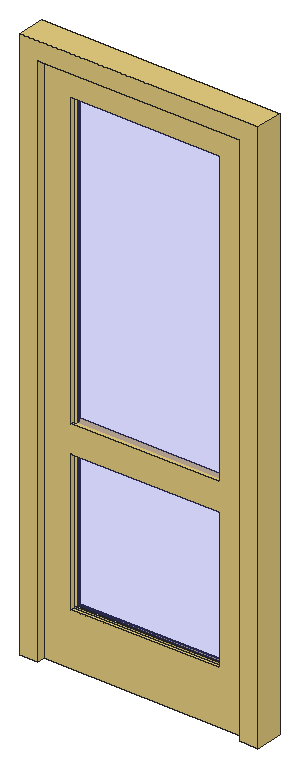
Revit family "DTI_A3-AC-Panel-D2h-Frame-F", category Doors, host Wall, Revit 2016
Family settings
  Host = Wall
  Always vertical = Yes
  Cut with Voids When Loaded = No
  Shared = No
  Room Calculation Point = No
Parameters (values of type "Panel D2H - Frame F")
  URL = "www.acdoors.co.za"
  Panel Width = Width - (Frame Depth * 2)  # 762 mm
  Panel Type = "D2H"
  Panel Thickness = 44 mm
  Panel Material = Meranti Wood
  Panel Height = Height - Frame Depth  # 2032 mm
  Model = "Glass Door"
  Manufacturer Code = "D2H - F"
  Manufacturer = "AC Doors"
  Height = 2100 mm
  Wall Closure = By host
  Width = 898 mm
  Glass Mateial = Glass
  Function = Interior
  Frame Type = "Frame F"
  Frame Thickness = 102 mm
  Frame Material = Meranti Wood
  Frame Depth = 68 mm
  Assembly Code = "B2030230"
Reference planes
  plane 1 "Wall Center": y = 0
  plane 2 "Center (Left/Right)": x = 0
  plane 3 "Left": x = -449
  plane 4 "Right": x = 449
  plane 5: z = 2100
  plane 6 "Exterior": y = 75
  plane 7 "Interior": y = -75
Forms (mm)
  Sweep 1, solid, material "Meranti Wood" <- "Frame Material", detail levels medium+fine
    path origin (0, 0, 0) x (1, 0, 0) y (0, 0, 1)
      loop
        line (449, 0) -> (449, 2100) -> (-449, 2100) -> (-449, 0)
    profile origin (0, 0, 2100) x (0, 0, -1) y (0, -1, 0)
      loop
        line (0, -51) -> (68, -51) -> (68, 51) -> (0, 51) -> (0, -51)
Lines and regions (mm)
  Opening 1
    outline origin (-3050, -75, 0) x (1, 0, 0) y (0, 0, 1)
      loop
        line (2601, 0) -> (3499, 0) -> (3499, 2100) -> (2601, 2100) -> (2601, 0)
  symbolic lines, style "Elevation Swing"
    curve 1: line (381, 0, 2032) -> (-381, 0, 1016)
    curve 2: line (-381, 0, 1016) -> (381, 0, 0)
  symbolic lines, style "Plan Swing"
    curve 3: line (381, -22, 0) -> (381, -784, 0)
    curve 6: arc (381, -784, 0) -> (-157.815, -560.815, 0) -> (-381, -22, 0) r 762
  symbolic lines, style "Plan Swing", detail levels medium+fine
    curve 4: line (381, -784, 0) -> (337, -784, 0)
    curve 5: line (337, -784, 0) -> (337, -22, 0)
    curve 7: line (381, -22, 0) -> (337, -22, 0)
Text (mm)
  text "Exterior" at (-2295.016, 1099.543, 0), in view "Ref. Level"
  text "Exterior" at (0, 1615.38, 3698.081), in view "Left"
  text "Exterior" at (0, 1036.032, 3874.932), in view "Right"
Dimensions and locks
  equal spacing: plane 3 "Left", plane 2 "Center (Left/Right)", plane 4 "Right"
  "Width": plane 3 "Left" to plane 4 "Right"
  "Height": plane 5 to host wall
  host wall to plane 5 = 2100 mm  (x2)
  locked: plane 6 "Exterior" to host wall at 0
  locked: plane 7 "Interior" to host wall
  "Frame Depth": Sweep 1 sketch curve to Sweep 1 sketch curve
  equal spacing: Sweep 1 sketch curve, profile plane, Sweep 1 sketch curve
  "Frame Thickness": Sweep 1 sketch curve to Sweep 1 sketch curve
  "Panel Thickness": curve 5 to curve 3
  "Panel Width": nested 1 to curve 4
  aligned and locked: plane 3 "Left" to Opening 1 sketch curve
  aligned and locked: plane 5 to Opening 1 sketch curve  (x2)
  aligned and locked: Opening 1 sketch curve to plane 4 "Right"
  aligned and locked: Opening 1 sketch curve to level
  aligned and locked: plane 1 "Wall Center" to host wall
  aligned and locked: plane 5 to Sweep 1 sketch curve
  aligned and locked: Sweep 1 sketch curve to plane 4 "Right"
  aligned and locked: Sweep 1 sketch curve to plane 3 "Left"
  aligned and locked: level to Sweep 1 sketch curve  (x2)
  aligned and locked: Sweep 1 sketch curve to profile plane
  aligned and locked: plane 2 "Center (Left/Right)" to nested 1
  aligned and locked: plane 1 "Wall Center" to nested 1
Automatic sketch dimensions
  curve 2 to level = 0 mm
  curve 1 to plane 3 "Left" = 68 mm
  plane 4 "Right" to curve 2 = 68 mm
  plane 4 "Right" to curve 1 = 68 mm
  level to curve 2 = 1016 mm
  plane 5 to curve 1 = 68 mm
  curve 6 to plane 3 "Left" = 68 mm
  host wall to curve 5 = 22 mm
  curve 3 to curve 6 = 0 mm
Nested families
  nested 1: "D2H" at (-16.973, 4.38, 0), type "D2H", detail levels medium+fine
    with Panel Width 762 mm, Panel Height 2032 mm
Definition of nested family "D2H"
  Parameters
    Panel Width = 813 mm
    Panel Thickess = 44 mm
    Panel Material = none
    Panel Height = 2030 mm
    Offset = 100 mm
    Glass Material = none
  Reference planes
    plane 1 "Center (Front/Back)": y = -4.38
    plane 2: z = 0
    plane 3 "Center (Left/Right)": x = 16.973
    plane 4: y = 17.62
    plane 5: y = -26.38
    plane 6: x = -389.527
    plane 7: x = 423.473
    plane 8: z = 2030
    plane 9: x = -289.527
    plane 10: z = 1930
    plane 11: z = 200
    plane 12: x = 323.473
    plane 13: z = 1925.127
    plane 14: z = 204.873
    plane 15: z = 776.667
    plane 16: z = 1353.333
    plane 17: z = 826.667
    plane 18: z = 726.667
  Forms (mm)
    Sweep 1, solid, material <- "Panel Material"
      path origin (0, -4.38, 0) x (1, 0, 0) y (0, 0, 1)
        loop
          line (-389.527, 0) -> (-389.527, 2030) -> (423.473, 2030) -> (423.473, 0)
      profile origin (16.973, -4.38, 2030) x (0, 0, 1) y (0, -1, 0)
        loop
          line (0, -22) -> (0, 22) -> (-100, 22) -> (-100, -22) -> (0, -22)
    Sweep 2, solid, material <- "Panel Material"
      path origin (0, -4.38, 0) x (1, 0, 0) y (0, 0, 1)
        loop
          line (-289.527, 200) -> (323.473, 200)
      profile origin (16.973, -4.38, 200) x (0, 0, 1) y (0, -1, 0)
        loop
          line (0, -22) -> (0, 22) -> (-200, 22) -> (-200, -22) -> (0, -22)
    Sweep 3, solid, material <- "Panel Material"
      path origin (0, -4.38, 0) x (1, 0, 0) y (0, 0, 1)
        loop
          line (-289.527, 1930) -> (-289.527, 200) -> (323.473, 200) -> (323.473, 1930) -> (-289.527, 1930)
      profile "Glass Suppurt profile : Glass Suppurt profile" origin (16.973, -4.38, 1930) x (0, 0, 1) y (0, -1, 0)
        loop
          line (0, 8) -> (-4.45, 8) -> (-8.45, 4) -> (-4.873, 4) -> (-4.873, -4) -> (-8.45, -4) -> (-4.45, -8) -> (0, -8) -> (0, 8)
    Extrusion 4, solid, material <- "Glass Material"
      sketch origin (0, 0, 0) x (1, 0, 0) y (0, 1, 0)
        loop
          line (-284.655, -0.38) -> (-284.655, -8.38) -> (318.6, -8.38) -> (318.6, -0.38) -> (-284.655, -0.38)
      from 204.873 to 1925.127
    Sweep 5, solid, material <- "Panel Material"
      path origin (0, -4.38, 0) x (1, 0, 0) y (0, 0, 1)
        loop
          line (-289.527, 776.667) -> (323.473, 776.667)
      profile origin (16.973, -4.38, 776.667) x (0, 0, 1) y (0, -1, 0)
        loop
          line (50, -22) -> (50, 22) -> (-50, 22) -> (-50, -22) -> (50, -22)
  Cuts and joins
    joined: Sweep 1, Sweep 2, Sweep 5
  Dimensions and locks
    equal spacing: plane 6, plane 3 "Center (Left/Right)", plane 7
    "Panel Width": plane 6 to plane 7
    equal spacing: plane 4, plane 1 "Center (Front/Back)", plane 5
    "Panel Thickess": plane 4 to plane 5
    locked: plane 11 to level at 200
    "Offset": plane 8 to plane 10
    "Offset": plane 9 to plane 6
    "Offset": plane 12 to plane 7
    "Panel Height": plane 8 to plane 2
    plane 13 to plane 10 = 4.873 mm
    plane 14 to plane 11 = 4.873 mm
    equal spacing: plane 10, plane 16, plane 15, plane 11
    plane 17 to plane 15 to plane 18 = 50 mm, 50 mm
    "Offset": plane 17 to plane 18
    aligned and locked: Sweep 1 sketch curve to plane 8
    aligned and locked: Sweep 1 sketch curve to plane 6
    aligned and locked: Sweep 1 sketch curve to plane 7
    aligned and locked: level to Sweep 1 sketch curve  (x2)
    aligned and locked: plane 4 to Sweep 1 sketch curve
    aligned and locked: Sweep 1 sketch curve to profile plane
    aligned and locked: plane 10 to Sweep 1 sketch curve
    aligned and locked: Sweep 1 sketch curve to plane 5
    aligned and locked: plane 9 to Sweep 2 sketch curve
    aligned and locked: plane 12 to Sweep 2 sketch curve
    aligned and locked: Sweep 2 sketch curve to plane 11
    aligned and locked: plane 4 to Sweep 2 sketch curve
    aligned and locked: Sweep 2 sketch curve to profile plane
    aligned and locked: Sweep 2 sketch curve to Sweep 1
    aligned and locked: Sweep 1 to Sweep 2 sketch curve
    aligned and locked: Sweep 3 sketch curve to Sweep 1  (x2)
    aligned and locked: Sweep 2 to Sweep 3 sketch curve
    aligned and locked: Sweep 3 sketch curve to Sweep 2
    aligned and locked: Extrusion 4 sketch curve to Sweep 3  (x3)
    aligned and locked: Sweep 3 to Extrusion 4 sketch curve
    aligned and locked: Extrusion 4 to plane 13
    aligned and locked: plane 14 to Extrusion 4
    aligned and locked: plane 9 to Sweep 5 sketch curve
    aligned and locked: plane 12 to Sweep 5 sketch curve
    aligned and locked: Sweep 5 sketch curve to plane 15
    aligned and locked: plane 4 to Sweep 5 sketch curve
    aligned and locked: plane 17 to Sweep 5 sketch curve
    aligned and locked: plane 18 to Sweep 5 sketch curve
    aligned and locked: Sweep 5 sketch curve to plane 5
